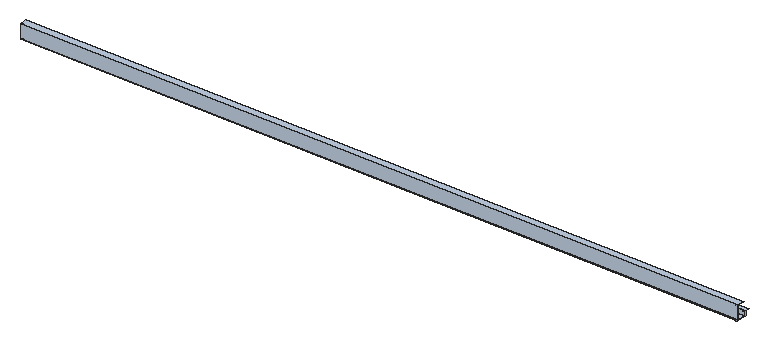
Revit family "RNNB", category 機械設備, Revit 2020
Family settings
  丸型コネクタ寸法 = 直径を使用
  パーツ タイプ = 標準
  OmniClass 番号 = 23.75.00.00
  OmniClass タイトル = Climate Control (HVAC)
  作業面ベース = いいえ
  常に垂直 = はい
  ロード時にボイドで切り取り = いいえ
  共有 = はい
  部屋計算ポイント = いいえ
Parameters (values of type "C38型")
  ﾗﾝﾅｰ野縁 ﾏﾃﾘｱﾙ = 溶融亜鉛メッキ
  野縁受け幅 = 38 mm
  野縁19(25) = yes
  野縁 = if([野縁19(25)], 19 mm, 25 mm)  # 19 mm
  製造元 = "株式会社サンユー"
  既定の高さ = 0 mm
  URL = "http://www.3you.co.jp"
  L [instance] = 3000 mm
  t = 0.8 mm
Types (13, lengths in mm): name | 野縁受け幅 | t
  (no name) | 38 | 0.8
  C38型 | 38 | 0.8
  C40型 | 40 | 0.8
  C45型 | 45 | 0.8
  C50型 | 50 | 0.8
  C65型 | 65 | 0.8
  C65型　t1.6 | 65 | 1.6
  C75型　t1.6 | 75 | 1.6
  C75型 | 75 | 0.8
  C90型 | 90 | 0.8
  C90型　t1.6 | 90 | 1.6
  C100型　t1.6 | 100 | 1.6
  C100型 | 100 | 0.8
Reference planes
  plane 1 "中心(正面/背面)": y = 0
  plane 2: z = 0
  plane 3 "中心(左/右)": x = 0
  plane 4: z = -0.8
  plane 5: y = 0.8
  plane 6: z = -18.2
  plane 7: z = -19
  plane 8: y = 39.2
  plane 9: y = 40
  plane 10: z = 38
  plane 11: y = 55
  plane 12: z = 38.8
  plane 13: y = 30.8
  plane 14: x = -1500
  plane 15: x = 1500
Forms (mm)
  Extrusion 1, solid, material "溶融亜鉛メッキ" <- "ﾗﾝﾅｰ野縁 ﾏﾃﾘｱﾙ"
    sketch origin (0, 0, 0) x (0, 1, 0) y (0, 0, 1)
      loop
        line (30.8, 38.8) -> (0.8, 38.8)
        arc (0.8, 38.8) -> (0.234, 38.566) -> (0, 38) r 0.8
        line (0, 38) -> (0, -18.2)
        arc (0, -18.2) -> (0.234, -18.766) -> (0.8, -19) r 0.8
        line (0.8, -19) -> (39.2, -19)
        arc (39.2, -19) -> (39.766, -18.766) -> (40, -18.2) r 0.8
        line (40, -18.2) -> (40, -0.8) -> (55, -0.8) -> (55, 0) -> (40, 0)
        arc (40, 0) -> (39.434, -0.234) -> (39.2, -0.8) r 0.8
        line (39.2, -0.8) -> (39.2, -18.2) -> (0.8, -18.2) -> (0.8, 38) -> (30.8, 38) -> (30.8, 38.8)
    from 1500 to -1500
Dimensions and locks
  "t": plane 2 to plane 4
  "t": plane 8 to plane 9
  "t": plane 6 to plane 7
  "t": plane 1 "中心(正面/背面)" to plane 5
  "野縁": plane 2 to plane 7
  locked: plane 1 "中心(正面/背面)" to plane 9 at 40
  "野縁受け幅": plane 10 to plane 2
  "t": plane 12 to plane 10
  equal spacing: plane 14, plane 3 "中心(左/右)", plane 15
  "L": plane 14 to plane 15
  aligned and locked: level to plane 2
  aligned and locked: plane 14 to Extrusion 1
  aligned and locked: plane 15 to Extrusion 1
Automatic sketch dimensions
  Extrusion 1 sketch curve to plane 5 = 0 mm  (x2)
  Extrusion 1 sketch curve to plane 10 = 0 mm  (x2)
  Extrusion 1 sketch curve to plane 13 = 0 mm
  Extrusion 1 sketch curve to plane 6 = 0 mm  (x2)
  Extrusion 1 sketch curve to plane 4 = 0 mm
  plane 4 to Extrusion 1 sketch curve = 0 mm
  Extrusion 1 sketch curve to plane 11 = 0 mm
  Extrusion 1 sketch curve to level = 0 mm
  Extrusion 1 sketch curve to plane 8 = 0 mm
  Extrusion 1 sketch curve to plane 7 = 0 mm
  Extrusion 1 sketch curve to plane 9 = 0 mm
  Extrusion 1 sketch curve to plane 1 "中心(正面/背面)" = 0 mm
  Extrusion 1 sketch curve to plane 12 = 0 mm
